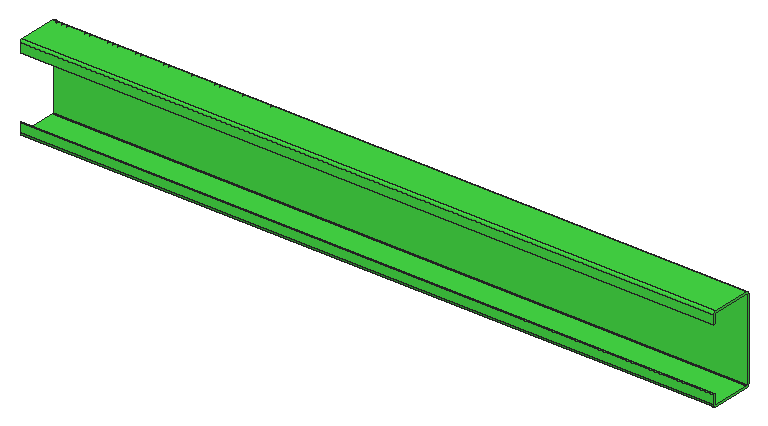
Revit family "CC BEAM V", category Structural Framing, Revit 2020
Family settings
  Structural Framing Length Roundoff = 0.00 mm
  Section Shape = Not Defined
  Material for Model Behavior = Steel
  Always export as geometry = No
  OmniClass Number = 23.25.30.11.14.14
  OmniClass Title = Beams
  Always vertical = Yes
  Cut with Voids When Loaded = No
  Symbolic Representation = From Project Settings
  Shared = No
  Show family pre-cut in plan views = Yes
Parameters (values of type "5")
  t1 = 2.00 mm
  d = 20.00 mm
  W = 0
  Structural Material [instance] = Metal - Light Gauge GREEN
  B = 75.00 mm
  Assembly Code = "B10"
  Length [instance] = 1524.00 mm
  D = 150.00 mm
  A = 0.00 in²
Types (44, lengths in mm): name | t1 | d | B | D
  17 | 1.20 | 11.00 | 35.00 | 90.00
  18 | 1.20 | 11.00 | 35.00 | 90.00
  20 | 1.20 | 11.00 | 35.00 | 90.00
  26 | 1.20 | 11.00 | 35.00 | 90.00
  30 | 1.20 | 11.00 | 35.00 | 90.00
  25 | 1.20 | 11.00 | 35.00 | 90.00
  34 | 1.20 | 11.00 | 35.00 | 90.00
  35 | 1.20 | 11.00 | 35.00 | 90.00
  38 | 1.20 | 11.00 | 35.00 | 90.00
  39 | 1.20 | 11.00 | 35.00 | 90.00
  21 | 1.20 | 11.00 | 35.00 | 90.00
  31 | 1.20 | 11.00 | 35.00 | 90.00
  33 | 1.20 | 11.00 | 35.00 | 90.00
  1 | 2.00 | 20.00 | 75.00 | 150.00
  5 | 2.00 | 20.00 | 75.00 | 150.00
  9 | 2.00 | 20.00 | 75.00 | 150.00
  11 | 2.00 | 20.00 | 75.00 | 150.00
  14 | 2.00 | 20.00 | 75.00 | 150.00
  15 | 2.00 | 20.00 | 75.00 | 150.00
  40 | 2.00 | 20.00 | 75.00 | 150.00
  42 | 2.00 | 20.00 | 75.00 | 150.00
  41 | 2.00 | 20.00 | 75.00 | 150.00
  7 | 2.00 | 20.00 | 75.00 | 220.00
  29 | 1.20 | 11.00 | 35.00 | 90.00
  32 | 1.20 | 11.00 | 35.00 | 90.00
  43 | 2.00 | 20.00 | 75.00 | 230.00
  2 | 2.00 | 20.00 | 75.00 | 150.00
  4 | 2.00 | 20.00 | 75.00 | 150.00
  8 | 2.00 | 20.00 | 75.00 | 150.00
  22 | 1.20 | 11.00 | 35.00 | 90.00
  6 | 2.00 | 20.00 | 75.00 | 150.00
  10 | 2.00 | 20.00 | 75.00 | 150.00
  16 | 2.00 | 20.00 | 75.00 | 150.00
  13 | 2.00 | 20.00 | 75.00 | 150.00
  23 | 1.20 | 11.00 | 35.00 | 90.00
  12 | 2.00 | 20.00 | 75.00 | 150.00
  19 | 1.20 | 11.00 | 35.00 | 90.00
  3 | 1.20 | 11.00 | 35.00 | 50.00
  36 | 1.20 | 11.00 | 35.00 | 90.00
  37 | 1.20 | 11.00 | 35.00 | 90.00
  28 | 1.20 | 11.00 | 35.00 | 90.00
  27 | 1.20 | 11.00 | 35.00 | 90.00
  24 | 1.20 | 11.00 | 35.00 | 90.00
  44 | 1.20 | 11.00 | 35.00 | 90.00
Reference planes
  plane 1 "Center (Front/Back)": y = 0
  plane 2: z = 0
  plane 3 "Center (Left/Right)": x = 0.008
  plane 4 "Member Left": x = -604.99
  plane 5 "Member Right": x = 614.21
  plane 6 "Top": z = 45
  plane 7: z = -45
  plane 8 "Left": x = -757.39
  plane 9 "Right": x = 766.61
  plane 10: y = -37.5
  plane 11: y = 37.5
Forms (mm)
  Sweep 1, solid, material "Metal - Light Gauge GREEN" <- "Structural Material", detail levels medium
    path origin (0, 0, 0) x (1, 0, 0) y (0, 1, 0)
      loop
        line (614.21, 0) -> (-604.99, 0)
    profile origin (4.61, 0, 0) x (0, -1, 0) y (0, 0, 1)
      loop
        line (-37.5, 75) -> (-37.5, -75) -> (37.5, -75) -> (37.5, -55) -> (35.5, -55) -> (35.5, -73) -> (-35.5, -73) -> (-35.5, 73) -> (35.5, 73) -> (35.5, 55) -> (37.5, 55) -> (37.5, 75) -> (-37.5, 75)
  Sweep 2, solid, material "Metal - Light Gauge GREEN" <- "Structural Material", detail levels fine
    path origin (0, -17.484, 0) x (1, 0, 0) y (0, 1, 0)
      loop
        line (614.21, 17.484) -> (-604.99, 17.484)
    profile origin (4.61, 0, 0) x (0, -1, 0) y (0, 0, 1)
      loop
        line (-37.5, 71.429) -> (-37.5, -71.429)
        arc (-37.5, -71.429) -> (-36.454, -73.954) -> (-33.929, -75) r 3.571
        line (-33.929, -75) -> (33.929, -75)
        arc (33.929, -75) -> (36.454, -73.954) -> (37.5, -71.429) r 3.571
        line (37.5, -71.429) -> (37.5, -55) -> (35.5, -55) -> (35.5, -71.429)
        arc (35.5, -71.429) -> (35.04, -72.54) -> (33.929, -73) r 1.571
        line (33.929, -73) -> (-33.929, -73)
        arc (-33.929, -73) -> (-35.04, -72.54) -> (-35.5, -71.429) r 1.571
        line (-35.5, -71.429) -> (-35.5, 71.429)
        arc (-35.5, 71.429) -> (-35.04, 72.54) -> (-33.929, 73) r 1.571
        line (-33.929, 73) -> (33.929, 73)
        arc (33.929, 73) -> (35.04, 72.54) -> (35.5, 71.429) r 1.571
        line (35.5, 71.429) -> (35.5, 55) -> (37.5, 55) -> (37.5, 71.429)
        arc (37.5, 71.429) -> (36.454, 73.954) -> (33.929, 75) r 3.571
        line (33.929, 75) -> (-33.929, 75)
        arc (-33.929, 75) -> (-36.454, 73.954) -> (-37.5, 71.429) r 3.571
Lines and regions (mm)
  symbolic lines, style "Hidden Faces", detail levels medium+fine
    curve 1: line (-604.99, -2, 0) -> (614.21, -2, 0)
    curve 2: line (-604.99, 4.763, 73) -> (614.21, 4.763, 73)
    curve 3: line (-604.99, 4.763, -73) -> (614.21, 4.763, -73)
    curve 9: line (-604.99, -34.6, 0) -> (614.21, -34.6, 0)
    curve 10: line (614.21, 0, 55) -> (-604.99, 0, 55)
    curve 11: line (614.21, 0, -63.2) -> (-604.99, 0, -63.2)
  symbolic lines, style "Stick Symbols", detail levels coarse
    curve 4: line (-757.39, -37.5, 64) -> (-757.39, -37.5, 75)
    curve 5: line (-757.39, -37.5, 75) -> (-757.39, 37.5, 75)
    curve 6: line (-757.39, 37.5, 75) -> (-757.39, 37.5, -75)
    curve 7: line (-757.39, 37.5, -75) -> (-757.39, -37.5, -75)
    curve 8: line (-757.39, -37.5, -75) -> (-757.39, -37.5, -64)
Dimensions and locks
  "Length": plane 8 "Left" to plane 9 "Right"
  "t1": Sweep 2 sketch curve to Sweep 2 sketch curve  (x5)
  "t1": curve 1 to plane 1 "Center (Front/Back)"
  "t1": curve 2 to Sweep 1
  "t1": curve 3 to Sweep 1
  "t1": Sweep 1 sketch curve to Sweep 1 sketch curve  (x5)
  "d": Sweep 1 sketch curve to Sweep 1 sketch curve  (x2)
  "D": Sweep 1 sketch curve to Sweep 1 sketch curve
  equal spacing: Sweep 1 sketch curve, level, Sweep 1 sketch curve
  equal spacing: plane 11, plane 1 "Center (Front/Back)", plane 10
  "B": plane 11 to plane 10
  aligned and locked: Sweep 1 sketch curve to plane 1 "Center (Front/Back)"
  aligned and locked: Sweep 2 to curve 11
  aligned and locked: curve 10 to Sweep 2
  aligned and locked: plane 4 "Member Left" to Sweep 2 sketch curve
  aligned and locked: plane 5 "Member Right" to Sweep 2 sketch curve
  aligned and locked: plane 5 "Member Right" to Sweep 1 sketch curve
  aligned and locked: plane 4 "Member Left" to Sweep 1 sketch curve
  aligned and locked: plane 4 "Member Left" to curve 1
  aligned and locked: plane 4 "Member Left" to curve 9
  aligned and locked: plane 5 "Member Right" to curve 1
  aligned and locked: plane 5 "Member Right" to curve 9
  aligned and locked: plane 4 "Member Left" to curve 2
  aligned and locked: plane 4 "Member Left" to curve 10
  aligned and locked: plane 4 "Member Left" to curve 3
  aligned and locked: plane 5 "Member Right" to curve 2
  aligned and locked: plane 5 "Member Right" to curve 10
  aligned and locked: plane 5 "Member Right" to curve 11
  aligned and locked: plane 5 "Member Right" to curve 3
  aligned and locked: Sweep 1 to Sweep 2 sketch curve  (x3)
  aligned and locked: Sweep 2 sketch curve to Sweep 1  (x4)
  aligned and locked: curve 5 to Sweep 1
  aligned and locked: curve 6 to Sweep 1
  aligned and locked: curve 7 to Sweep 1
  aligned and locked: curve 8 to Sweep 1
  aligned and locked: Sweep 1 to curve 4
  aligned and locked: Sweep 1 sketch curve to plane 10
  aligned and locked: plane 10 to Sweep 1 sketch curve
  aligned and locked: Sweep 1 sketch curve to plane 11
Automatic sketch dimensions
  Sweep 2 sketch curve to Sweep 2 sketch curve = 1.571 mm  (x4)
  Sweep 2 sketch curve to Sweep 2 sketch curve = 0.00 mm  (x4)
  plane 1 "Center (Front/Back)" to Sweep 2 sketch curve = 0.00 mm
  curve 3 to curve 11 = 9.80 mm
  curve 9 to curve 1 = 32.60 mm
  curve 7 to curve 8 = 11.00 mm
  curve 4 to curve 5 = 11.00 mm
